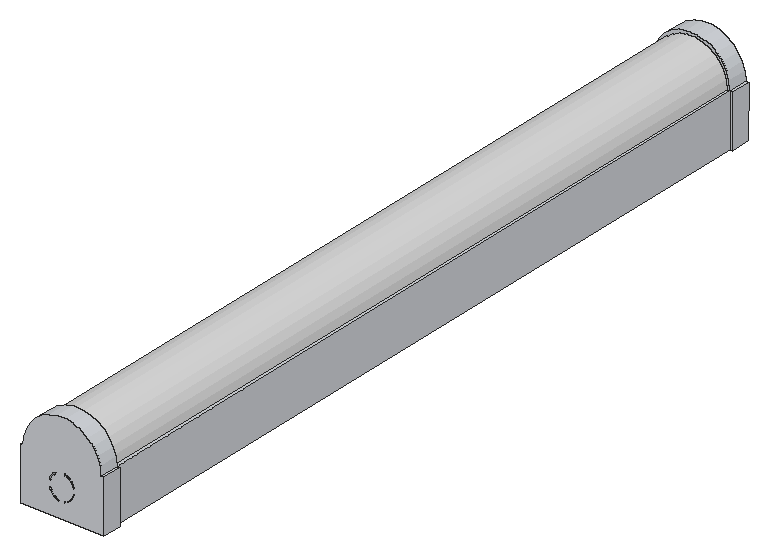
Revit family "0048949", category Lighting Fixtures, host Face, Revit 2017
Family settings
  Host = Face
  Round Connector Dimension = Use Diameter
  Part Type = Normal
  OmniClass Number = 23.80.70.00
  OmniClass Title = Lighting
  Cut with Voids When Loaded = No
  Light Source = Yes
  Shared = No
  Room Calculation Point = No
Parameters (values of type "0048949 WAYLINE 600 MW 1200LM 840")
  Weight = "7.83 kg"
  Wattage Comments = ""
  Wattage = 10 W
  WarrantyStartDate [instance] = "n/a"
  WarrantyGuarantorParts = "n/a"
  WarrantyDurationUnit = "n/a"
  WarrantyDurationParts = "n/a"
  WarrantyDescription = "n/a"
  WIDTH/2_SYL = 35 mm
  built-in parameter 1150110 = 1 (stored number, unit not read)
  Voltage = 0 V
  URL = "http://www.sylvania-lighting.com"
  TypeName = "Wayline 600 MW 1200lm 840"
  Type Image = <None>
  Type Comments = "n/a"
  built-in parameter 1114217 = 1 (stored number, unit not read)
  Tilt Angle = -90.00°
  built-in parameter 1150109 = 1 (stored number, unit not read)
  built-in parameter 1150134 = 12
  built-in parameter 1150113 = 1 (stored number, unit not read)
  SerialNumber [instance] = "n/a"
  R_HEIGHT_SYL = 44 mm
  Photometric Web File = "0048949.ies"
  Material_3_SYL = none
  PowerFactor = 0.9
  PowerConsumption = "10 W"
  NominalLength = 672 mm
  NominalHeight = 76.5 mm
  NominalDepth = 70 mm
  Name = "Wayline 600 MW 1200lm 840"
  ModelReference = Name  # "Wayline 600 MW 1200lm 840"
  ModelNumber = "48949"
  Model = Name  # "Wayline 600 MW 1200lm 840"
  Material = "steel housing, pc polycarbonate diffuser"
  ManufacturerName = "Feilo Sylvania"
  Manufacturer = "Feilo Sylvania"
  LuminousEfficacy = "120 lm/W"
  built-in parameter 1150105 = -372924 (stored number, unit not read)
  Lumens = 1200 lm
  LuminaireType = ""
  built-in parameter 1150115 = 1 (stored number, unit not read)
  LightOutputRatio = "n/a"
  built-in parameter 1150137 = (empty or 0)
  built-in parameter 1150139 = (empty or 0)
  LampsType = Lamp  # "LED"
  LampNominalLuminous = "1200 lm"
  LampMacAdamStep = "5"
  LampColourTemperature = "4000 K"
  LampColourRenderingIndex = "80"
  built-in parameter 1150112 = 1 (stored number, unit not read)
  built-in parameter 1150114 = 1 (stored number, unit not read)
  Lamp = "LED"
  LUM_R_SYL = 30 mm
  Keynote = "16500"
  InstallationDate [instance] = "n/a"
  InputVoltage = "n/a"
  InputNominalFrequency = "n/a"
  built-in parameter 1150132 = (empty or 0)
  built-in parameter 1150102 = (empty or 0)
  built-in parameter 1150107 = 4000 (stored number, unit not read)
  built-in parameter 1150138 = (empty or 0)
  IngressProtection = "IP20"
  ImpactProtectionIndex = "IK08"
  built-in parameter 1150106 = -3729.2 (stored number, unit not read)
  IfcExportType = "IfcLightFixtureType"
  IfcExportAs = "IfcLightFixtureType"
  HOLE_HEIGHT_SYL = 24 mm
  HEIGHT_SYL = 76.5 mm
  GAP_SYL = 2.5 mm
  Emit from Circle Diameter = 609.6 mm
  Emit Shape Visible in Rendering = no
  ElectricShockClassification = "Class I"
  built-in parameter 1150104 = 11.148 (stored number, unit not read)
  DocumentationLiterature = "http://www.sylvania-lighting.com/product/en-int/products/0048949"
  DimmingControlOptions = "n/a"
  Material_2_SYL = none
  Dimming Lamp Color Temperature Shift = <None>
  Description = "LED batten, T8 replacement, ease of installation through 2 part push-in design of the housing (safety cable included), through wiring capability, steel housing, 1200lm, 10W, 120lm/W, 4000K, CRI80, 3 step MacAdam ellipse, symmetric wide beam angle, Class I, 90000 hrs L80B20 lifespan, non-dimmable driver, MW sensor for 360° detection up to 8m range at 6m mounting height, IK08, IP20, 672 x 70 x 76.5mm (LxWxD) dimensions, 0.87kg weight."
  Default Elevation = 1219.2 mm
  CreatedOn = "5/25/2021"
  CreatedBy = "@sylvania-lighting.com"
  Cost = 0
  Color Filter = 16777215
  built-in parameter 1114216 [instance] = (empty or 0)
  ClassificationValue = "EF_70_80"
  ClassificationName = "Uniclass2015"
  Material_1_SYL = Dynamo
  BarCode [instance] = "n/a"
  built-in parameter 1114218 = 1 (stored number, unit not read)
  built-in parameter 1150133 = 10 (stored number, unit not read)
  AssetType = "Fixed"
  AssetIdentifier [instance] = "n/a"
  Assembly Code = "D5020200"
  Apparent Load = 10 VA
  Material_4_SYL = none
Types (6, lengths in mm): name | Weight | Wattage | TypeName | Photometric Web File | PowerConsumption | Name | ModelReference | ModelNumber | Model | LuminousEfficacy | built-in parameter 1150105 | Lumens | LampNominalLuminous | built-in parameter 1150106 | built-in parameter 1150104 | DocumentationLiterature | Description | Apparent Load
  0048951 WAYLINE 600 MWCOR 1200LM 840 | "9.9 kg" | 10 W | "Wayline 600 MWCOR 1200lm 840" | "0048951.ies" | "10 W" | "Wayline 600 MWCOR 1200lm 840" | "Wayline 600 MWCOR 1200lm 840" | "48951" | "Wayline 600 MWCOR 1200lm 840" | "120 lm/W" | -372924 (stored number, unit not read) | 1200 lm | "1200 lm" | -3729.2 (stored number, unit not read) | 11.148 (stored number, unit not read) | "http://www.sylvania-lighting.com/product/en-int/products/0048951" | "LED batten, T8 replacement, ease of installation through 2 part push-in design of the housing (safety cable included), through wiring capability, steel housing, 1200lm, 10W, 120lm/W, 4000K, CRI80, 3 step MacAdam ellipse, symmetric wide beam angle, Class I, 90000 hrs L80B20 lifespan, non-dimmable driver, corridor function with microwave presence sensor, IK08, IP20, 672 x 70 x 76.5mm  (L x W x H) dimensions, 1.1kg." | 10 VA
  0048950 WAYLINE 600 MW 2900LM 840 | "8.28 kg" | 22 W | "Wayline 600 MW 2900lm 840" | "0048950.ies" | "22 W" | "Wayline 600 MW 2900lm 840" | "Wayline 600 MW 2900lm 840" | "48950" | "Wayline 600 MW 2900lm 840" | "132 lm/W" | -2183053 (stored number, unit not read) | 2904 lm | "2900 lm" | -21830.5 (stored number, unit not read) | 12.263 (stored number, unit not read) | "http://www.sylvania-lighting.com/product/en-int/products/0048950" | "LED batten, T8 replacement, ease of installation through 2 part push-in design of the housing (safety cable included), through wiring capability, steel housing, 2900lm, 22W, 132lm/W, 4000K, CRI80, 3 step MacAdam ellipse, symmetric wide beam angle, Class I, 90000 hrs L80B20 lifespan, non-dimmable driver, MW sensor for 360° detection up to 8m range at 6m mounting height, IK08, IP20, 672 x 70 x 76.5mm (LxWxD) dimensions, 0.92kg weight." | 22 VA
  0048949 WAYLINE 600 MW 1200LM 840 | "7.83 kg" | 10 W | "Wayline 600 MW 1200lm 840" | "0048949.ies" | "10 W" | "Wayline 600 MW 1200lm 840" | "Wayline 600 MW 1200lm 840" | "48949" | "Wayline 600 MW 1200lm 840" | "120 lm/W" | -372924 (stored number, unit not read) | 1200 lm | "1200 lm" | -3729.2 (stored number, unit not read) | 11.148 (stored number, unit not read) | "http://www.sylvania-lighting.com/product/en-int/products/0048949" | "LED batten, T8 replacement, ease of installation through 2 part push-in design of the housing (safety cable included), through wiring capability, steel housing, 1200lm, 10W, 120lm/W, 4000K, CRI80, 3 step MacAdam ellipse, symmetric wide beam angle, Class I, 90000 hrs L80B20 lifespan, non-dimmable driver, MW sensor for 360° detection up to 8m range at 6m mounting height, IK08, IP20, 672 x 70 x 76.5mm (LxWxD) dimensions, 0.87kg weight." | 10 VA
  0048923 WAYLINE 600 DALI 2600LM 840 | "9.27 kg" | 19 W | "Wayline 600 DALI 2600lm 840" | "0048923.ies" | "19 W" | "Wayline 600 DALI 2600lm 840" | "Wayline 600 DALI 2600lm 840" | "48923" | "Wayline 600 DALI 2600lm 840" | "137 lm/W" | -1754343.9 (stored number, unit not read) | 2603 lm | "2600 lm" | -17543.4 (stored number, unit not read) | 12.728 (stored number, unit not read) | "http://www.sylvania-lighting.com/product/en-int/products/0048923" | "LED batten, T8 replacement, ease of installation through 2 part push-in design of the housing (safety cable included), through wiring capability, steel housing, 2600lm, 19W, 137lm/W, 4000K, CRI80, 3 step MacAdam ellipse, symmetric wide beam angle, Class I, 90000 hrs L80B20 lifespan, DALI dimmable driver, IK08, IP20, 672 x 70 x 76.5mm (LxWxD) dimensions, 1.03kg weight." | 19 VA
  0048922 WAYLINE 600 DALI 1200LM 840 | "9.27 kg" | 9 W | "Wayline 600 DALI 1200lm 840" | "0048922.ies" | "9 W" | "Wayline 600 DALI 1200lm 840" | "Wayline 600 DALI 1200lm 840" | "48922" | "Wayline 600 DALI 1200lm 840" | "133 lm/W" | -371991.7 (stored number, unit not read) | 1197 lm | "1200 lm" | -3719.9 (stored number, unit not read) | 12.356 (stored number, unit not read) | "http://www.sylvania-lighting.com/product/en-int/products/0048922" | "LED batten, T8 replacement, ease of installation through 2 part push-in design of the housing (safety cable included), through wiring capability, steel housing, 1200lm, 9W, 133lm/W, 4000K, CRI80, 3 step MacAdam ellipse, symmetric wide beam angle, Class I, 90000 hrs L80B20 lifespan, DALI dimmable driver, IK08, IP20, 672 x 70 x 76.5mm (LxWxD) dimensions, 1.03kg weight." | 9 VA
  0048952 WAYLINE 600 MWCOR 2600LM 840 | "9.9 kg" | 20 W | "Wayline 600 MWCOR 2600lm 840" | "0048952.ies" | "20 W" | "Wayline 600 MWCOR 2600lm 840" | "Wayline 600 MWCOR 2600lm 840" | "48952" | "Wayline 600 MWCOR 2600lm 840" | "130 lm/W" | -1752322 (stored number, unit not read) | 2600 lm | "2600 lm" | -17523.2 (stored number, unit not read) | 12.077 (stored number, unit not read) | "http://www.sylvania-lighting.com/product/en-int/products/0048952" | "LED batten, T8 replacement, ease of installation through 2 part push-in design of the housing (safety cable included), through wiring capability, steel housing, 2600lm, 20W, 130lm/W, 4000K, CRI80, 3 step MacAdam ellipse, symmetric wide beam angle, Class I, 90000 hrs L80B20 lifespan, non-dimmable driver, corridor function with microwave presence sensor, IK08, IP20, 672 x 70 x 76.5mm  (L x W x H) dimensions, 1.1kg." | 20 VA
Reference planes
  plane 1 "Center (Front/Back)": y = 0
  plane 2: z = 0
  plane 3 "Center (Left/Right)": x = 0
  plane 4: z = 76.5
  plane 5: x = -35
  plane 6: x = 35
  plane 7: z = 44
  plane 8: x = -32.5
  plane 9: x = 32.5
  plane 10: z = 24
  plane 11: x = 2.5
  plane 12: x = -2.5
  plane 13: z = 26.5
  plane 14: z = 21.5
  plane 15: z = 74
Forms (mm)
  Extrusion 1, solid
    sketch origin (0, 0, 0) x (1, 0, 0) y (0, 0, 1)
      loop
        arc (32.5, 44) -> (0, 76.5) -> (-32.5, 44) r 32.5
        line (-32.5, 44) -> (-35, 44) -> (-35, 0) -> (35, 0) -> (35, 44) -> (32.5, 44)
      loop
        line (2.5, 34.712) -> (2.5, 33.682)
        arc (2.5, 33.682) -> (7.071, 31.071) -> (9.682, 26.5) r 10
        line (9.682, 26.5) -> (10.712, 26.5)
        arc (10.712, 26.5) -> (7.778, 31.778) -> (2.5, 34.712) r 11
      loop
        line (-2.5, 33.682) -> (-2.5, 34.712)
        arc (-2.5, 34.712) -> (-7.778, 31.778) -> (-10.712, 26.5) r 11
        line (-10.712, 26.5) -> (-9.682, 26.5)
        arc (-9.682, 26.5) -> (-7.071, 31.071) -> (-2.5, 33.682) r 10
      loop
        line (-9.682, 21.5) -> (-10.712, 21.5)
        arc (-10.712, 21.5) -> (-7.778, 16.222) -> (-2.5, 13.288) r 11
        line (-2.5, 13.288) -> (-2.5, 14.318)
        arc (-2.5, 14.318) -> (-7.071, 16.929) -> (-9.682, 21.5) r 10
      loop
        line (2.5, 14.318) -> (2.5, 13.288)
        arc (2.5, 13.288) -> (7.778, 16.222) -> (10.712, 21.5) r 11
        line (10.712, 21.5) -> (9.682, 21.5)
        arc (9.682, 21.5) -> (7.071, 16.929) -> (2.5, 14.318) r 10
    from 320 to 336
  Extrusion 2, solid, material "Dynamo" <- "Material_1_SYL"
    sketch origin (0, 0, 0) x (1, 0, 0) y (0, 0, 1)
      loop
        line (-30, 44) -> (30, 44)
        arc (30, 44) -> (0, 74) -> (-30, 44) r 30
    from -320 to 320
  Extrusion 3, solid
    sketch origin (0, 0, 0) x (1, 0, 0) y (0, 0, 1)
      loop
        line (-32.5, 44) -> (-32.5, 0) -> (32.5, 0) -> (32.5, 44) -> (-32.5, 44)
    from -320 to 320
  Extrusion 4, solid
    sketch origin (0, 0, 0) x (1, 0, 0) y (0, 0, -1)
      loop
        line (32.5, -44) -> (35, -44) -> (35, 0) -> (-35, 0) -> (-35, -44) -> (-32.5, -44)
        arc (-32.5, -44) -> (0, -76.5) -> (32.5, -44) r 32.5
      loop
        arc (2.5, -34.712) -> (7.778, -31.778) -> (10.712, -26.5) r 11
        line (10.712, -26.5) -> (9.682, -26.5)
        arc (9.682, -26.5) -> (7.071, -31.071) -> (2.5, -33.682) r 10
        line (2.5, -33.682) -> (2.5, -34.712)
      loop
        arc (-2.5, -33.682) -> (-7.071, -31.071) -> (-9.682, -26.5) r 10
        line (-9.682, -26.5) -> (-10.712, -26.5)
        arc (-10.712, -26.5) -> (-7.778, -31.778) -> (-2.5, -34.712) r 11
        line (-2.5, -34.712) -> (-2.5, -33.682)
      loop
        arc (-9.682, -21.5) -> (-7.071, -16.929) -> (-2.5, -14.318) r 10
        line (-2.5, -14.318) -> (-2.5, -13.288)
        arc (-2.5, -13.288) -> (-7.778, -16.222) -> (-10.712, -21.5) r 11
        line (-10.712, -21.5) -> (-9.682, -21.5)
      loop
        arc (2.5, -14.318) -> (7.071, -16.929) -> (9.682, -21.5) r 10
        line (9.682, -21.5) -> (10.712, -21.5)
        arc (10.712, -21.5) -> (7.778, -16.222) -> (2.5, -13.288) r 11
        line (2.5, -13.288) -> (2.5, -14.318)
    from 320 to 336
Dimensions and locks
  "HEIGHT_SYL": plane 4 to host face
  "WIDTH/2_SYL": plane 6 to plane 3 "Center (Left/Right)" to plane 5
  "R_HEIGHT_SYL": plane 7 to host face
  "GAP_SYL": plane 8 to plane 5
  "GAP_SYL": plane 6 to plane 9
  "HOLE_HEIGHT_SYL": plane 10 to host face
  "GAP_SYL": plane 13 to plane 10 to plane 14
  "GAP_SYL": plane 11 to plane 3 "Center (Left/Right)" to plane 12
  "LUM_R_SYL": plane 15 to plane 7
  aligned and locked: plane 2 to host face
  aligned and locked: level to host face
Automatic sketch dimensions
  host sketch curve to host sketch curve = 2438.4 mm  (x2)
  Extrusion 1 sketch curve to Extrusion 1 sketch curve = 0 mm  (x58)
  Extrusion 1 sketch curve to level = 0 mm
  Extrusion 1 sketch curve to plane 5 = 0 mm
  Extrusion 1 sketch curve to plane 7 = 0 mm
  Extrusion 1 sketch curve to plane 8 = 0 mm
  Extrusion 1 sketch curve to plane 13 = 0 mm  (x2)
  Extrusion 1 sketch curve to plane 14 = 0 mm  (x2)
  Extrusion 1 sketch curve to plane 12 = 0 mm  (x2)
  Extrusion 1 sketch curve to plane 3 "Center (Left/Right)" = 0 mm  (x2)
  Extrusion 1 sketch curve to plane 11 = 0 mm  (x2)
  Extrusion 1 sketch curve to plane 6 = 0 mm
  Extrusion 1 sketch curve to plane 10 = 0 mm
  Extrusion 1 sketch curve to plane 12 = 8.212 mm
  Extrusion 1 sketch curve to Extrusion 1 sketch curve = 1.03 mm  (x4)
  plane 11 to Extrusion 1 sketch curve = 7.182 mm
  Extrusion 2 sketch curve to plane 7 = 0 mm
  Extrusion 2 sketch curve to plane 3 "Center (Left/Right)" = 0 mm
  plane 8 to Extrusion 2 sketch curve = 2.5 mm
  Extrusion 3 sketch curve to level = 0 mm
  Extrusion 3 sketch curve to plane 8 = 0 mm
  Extrusion 3 sketch curve to plane 9 = 0 mm
  Extrusion 3 sketch curve to plane 7 = 0 mm
  Extrusion 4 sketch curve to Extrusion 4 sketch curve = 0 mm  (x58)
  Extrusion 4 sketch curve to level = 0 mm
  Extrusion 4 sketch curve to plane 5 = 0 mm
  Extrusion 4 sketch curve to plane 7 = 0 mm
  Extrusion 4 sketch curve to plane 8 = 0 mm
  Extrusion 4 sketch curve to plane 13 = 0 mm  (x2)
  Extrusion 4 sketch curve to plane 14 = 0 mm  (x2)
  Extrusion 4 sketch curve to plane 12 = 0 mm  (x2)
  Extrusion 4 sketch curve to plane 3 "Center (Left/Right)" = 0 mm  (x2)
  Extrusion 4 sketch curve to plane 11 = 0 mm  (x2)
  Extrusion 4 sketch curve to plane 6 = 0 mm
  Extrusion 4 sketch curve to plane 10 = 0 mm
  Extrusion 4 sketch curve to plane 12 = 8.212 mm
  Extrusion 4 sketch curve to Extrusion 4 sketch curve = 1.03 mm  (x4)
  plane 11 to Extrusion 4 sketch curve = 7.182 mm
Connectors
  electrical at (0, -336, 29.333)
    settings: on Extrusion 1, index 1, voltage 0 V, apparent load 0 VA, apparent load phase1 0 VA, apparent load phase2 0 VA, apparent load phase3 0 VA, power factor 1, load classification "Other", number of poles 1, system type 31, power factor state 1, is connector primary yes, connector utility no, sub classification motor no, connector description ""
